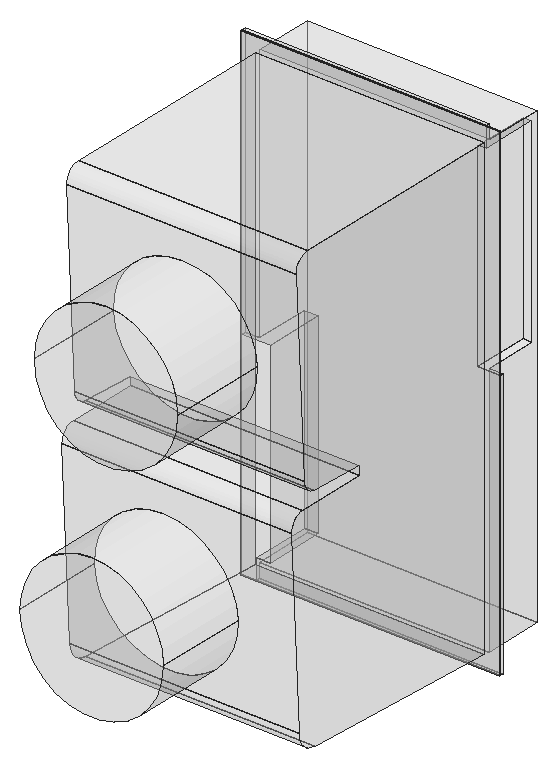
Revit family "dvv-100", category Generic Models, Revit 2019
Family settings
  Can host rebar = No
  Round Connector Dimension = Use Diameter
  Part Type = Normal
  Work Plane-Based = No
  Always vertical = Yes
  Cut with Voids When Loaded = No
  Shared = No
  Room Calculation Point = No
Reference planes (in)
  plane 1 "Center (Front/Back)": y = 0
  plane 2: z = 0
  plane 3 "Center (Left/Right)": x = 0
Forms (in)
  Extrusion 1, solid, material "Default"
    sketch origin (0, 0, 0) x (0, 1, 0) y (0, 0, 1)
      loop
        line (0, -8) -> (0, 8) -> (-7.76688, 8)
        arc (-7.76688, 8) -> (-8.12956, 7.84418) -> (-8.26619, 7.47383) r 0.5
        line (-8.26619, 7.47383) -> (-7.91975, 0.86341)
        arc (-7.91975, 0.86341) -> (-7.77399, 0.53602) -> (-7.44661, 0.39026) r 0.5
        line (-7.44661, 0.39026) -> (-5.5, 0.28824) -> (-5.5, 0) -> (-7.97311, 0)
        arc (-7.97311, 0) -> (-8.3358, -0.15582) -> (-8.47242, -0.52617) r 0.5
        line (-8.47242, -0.52617) -> (-8.13834, -6.90096)
        arc (-8.13834, -6.90096) -> (-7.91969, -7.39204) -> (-7.42862, -7.61068) r 0.75
        line (-7.42862, -7.61068) -> (0, -8)
    from 0.00895 to 8
  Extrusion 2, solid, material "Default"
    sketch origin (0, 0, 0) x (1, 0, 0) y (0, 0, 1)
      loop
        line (8.5, 8.5) -> (-0.5, 8.5) -> (-0.5, -8.5) -> (8.5, -8.5) -> (8.5, 8.5)
    from 0 to 0.05
  Extrusion 3, solid, material "Default"
    sketch origin (0, 0, 0) x (1, 0, 0) y (0, 0, 1)
      loop
        circle (4, 4) r 2.5
    from 0 to 11.54201
  Extrusion 4, solid, material "Default"
    sketch origin (-0.5, 0, -8) x (1, 0, 0) y (0, 0, 1)
      loop
        circle (4, 4) r 2.5
    from 7.85506 to 11.54201
  Extrusion 5, solid, material "Default"
    sketch origin (0, 0, 0) x (1, 0, 0) y (0, 0, 1)
      loop
        line (8.5, -8.5) -> (8.5, 0.86341) -> (8, 0.86341) -> (8, 8.5) -> (-0.5, 8.5) -> (-0.5, -1) -> (0, -1) -> (0, -8.5) -> (8.5, -8.5)
    from 0 to -0.13769
  Extrusion 6, solid, material "Default"
    sketch origin (0, 0.13769, 0) x (-1, 0, 0) y (0, 0, 1)
      loop
        line (-8, 8) -> (-8, -7.99738) -> (0, -7.99738) -> (0, 8) -> (-8, 8)
    from 0 to 2.08748
  Extrusion 7, void
    sketch origin (0, 0.13769, -8.5) x (0, 0, -1) y (0, 1, 0)
      loop
        line (-7.5, 1.96248) -> (-7.5, -0.13769) -> (-0.69901, -0.13769) -> (-0.69901, 1.96248) -> (-7.5, 1.96248)
    from 0 to 0.48474
  Extrusion 8, void
    sketch origin (8, 0.13769, 0.86341) x (0, 0, 1) y (0, 1, 0)
      loop
        line (6.91575, 1.86231) -> (0, 1.86231) -> (0, -0.13769) -> (6.91575, -0.13769) -> (6.91575, 1.86231)
    from 0 to 0.2811
Cuts and joins
  Extrusion 7, Extrusion 8 cuts Extrusion 1
  Extrusion 7, Extrusion 8 cuts Extrusion 2
  Extrusion 7, Extrusion 8 cuts Extrusion 3
  Extrusion 7, Extrusion 8 cuts Extrusion 4
  joined: Extrusion 1, Extrusion 2, Extrusion 3, Extrusion 4
  Extrusion 7, Extrusion 8 cuts Extrusion 5
  Extrusion 7, Extrusion 8 cuts Extrusion 6
  joined: Extrusion 5, Extrusion 6
Lines and regions (in)
  model lines
    curve 1: line (8.5, 0, 8) -> (-0.5, 0, 8)
    curve 2: line (-0.5, 0, 8) -> (-0.5, 0, -8)
    curve 3: line (-0.5, 0, -8.5) -> (8.5, 0, -8.5)
    curve 4: line (8.5, 0, -8.5) -> (8.5, 0, 8)
    curve 5: line (0, 0.13769, -1) -> (0, 2.10017, -1)
    curve 6: line (0, 0.13769, -9) -> (0, 2.22517, -9)
    curve 7: line (0, -5.77483, -1) -> (0, -5.77483, -8.5)
Dimensions and locks (in)
  Extrusion 1 sketch curve to Extrusion 1 sketch curve = 8.26619"
  cut or joined group of Extrusion 1, Extrusion 2, Extrusion 3, Extrusion 4, Extrusion 7, Extrusion 8 to cut or joined group of Extrusion 1, Extrusion 2, Extrusion 3, Extrusion 4, Extrusion 7, Extrusion 8 = 17"
  cut or joined group of Extrusion 1, Extrusion 2, Extrusion 3, Extrusion 4, Extrusion 7, Extrusion 8 to cut or joined group of Extrusion 1, Extrusion 2, Extrusion 3, Extrusion 4, Extrusion 7, Extrusion 8 = 9"
  aligned and locked: level to plane 2
Connectors (in)
  hvac at (4, -11.54201, 4)
    settings: on cut or joined group of Extrusion 1, Extrusion 2, Extrusion 3, Extrusion 4, Extrusion 7, Extrusion 8, index 1, duct flow 0.0 L/s, flow factor 0, pres drop 0.0 Pa, loss coef 0, conn angle 0.00°, conn width 304.8 mm, conn height 304.8 mm, conn diameter 127 mm, duct sys type 3, conn prof type 0, flow config 0, flow direction 1, loss method 0, conn ref index -1, conn util no, is conn primary yes, conn desc ""
  hvac at (4, -11.54201, 4)
    settings: on cut or joined group of Extrusion 1, Extrusion 2, Extrusion 3, Extrusion 4, Extrusion 7, Extrusion 8, index 2, duct flow 0.0 L/s, flow factor 0, pres drop 0.0 Pa, loss coef 0, conn angle 0.00°, conn width 304.8 mm, conn height 304.8 mm, conn diameter 127 mm, duct sys type 3, conn prof type 0, flow config 0, flow direction 2, loss method 0, conn ref index -1, conn util no, is conn primary no, conn desc ""
  hvac at (3.5, -11.54201, -4)
    settings: on cut or joined group of Extrusion 1, Extrusion 2, Extrusion 3, Extrusion 4, Extrusion 7, Extrusion 8, index 3, duct flow 0.0 L/s, flow factor 0, pres drop 0.0 Pa, loss coef 0, conn angle 0.00°, conn width 304.8 mm, conn height 304.8 mm, conn diameter 127 mm, duct sys type 1, conn prof type 0, flow config 0, flow direction 1, loss method 0, conn ref index -1, conn util no, is conn primary no, conn desc ""
